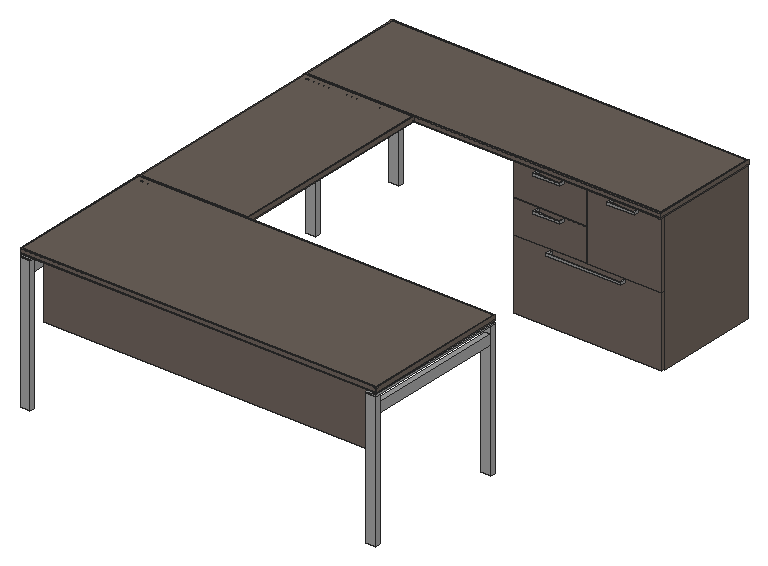
Revit family "T100328", category Furniture, Revit 2015
Parameters (values of type "T100328")
  URL = "https://ofs.com/"
  Manufacturer = "OFS"
  Description = "OFS TYPICAL T100328"
  Copyright © = "©OFS 2021"
  Catalog = "https://ofs.com/2020-experience"
  Authoring Version = "Autodesk Revit Architecture 2015"
  Assembly Code = "E2020400"
Reference planes (in)
  plane 1 "Center Front/Back": y = 0
  plane 2: z = 0
  plane 3 "Center Left/Right": x = 0
Dimensions and locks (in)
  aligned and locked: level to plane 2
Nested families (in)
  nested 1: "OFS ELEMENT OPEN L DESK LEFT AND RIGHT 84in Width 60in Return" at (102, 18.84375, 84), type "ELEMENT OPEN L DESK LEFT RETURN 84in Width 60in Return"
    with Right Desk Ovelay no, Left Desk Overlay no, Desk Overlay Option yes
  nested 2: "STAKS SUPPORT H LEG" at (17.625, -8.37535, 0), type "STAKS SUPPORT H LEG 22"
  nested 3: "STAKS SUPPORT H LEG" at (54.375, -81.62465, 0) x (-1, 0, 0) z (0, 0, 1), type "STAKS SUPPORT H LEG 30"
  nested 4: "STAKS WORKSURFACE HEIGHT MULTI FILE PEDESTAL - NO RISER SUPPORT" at (36.02289, -20.00035, 0), type "STAKS WORKSURFACE HEIGHT MULTI FILE PEDESTAL 30 x 22 Right"
  nested 5: "STAKS BENCHING RECTANGULAR WORKSURFACES" at (-7.55498, -62.16635, 0), type "STAKS BENCHING RECTANGULAR WORKSURFACE 72 X 30"
  nested 6: "STAKS BENCHING RECTANGULAR WORKSURFACES" at (-7.55498, 1.83365, 0), type "STAKS BENCHING RECTANGULAR WORKSURFACE 72 X 22"
  nested 7: "STAKS RECTANGULAR WORKSURFACES Short Grain" at (-1.83365, -71.55498, 0) x (0, 1, 0) z (0, 0, 1), type "STAKS RECTANGULAR WORKSURFACE 22 x 42"
    with Height Above Floor 29"
  nested 8: "STAKS MODESTY PANEL - Veneer & Wood Grain & Frosted" at (33.50442, -90.21547, 0.375) x (-1, 0, 0) z (0, 0, 1), type "STAKS MODESTY PANEL TFL WOOD GRAIN AND TFL SOLID COLORS 84-66"
    with Width 66"
  nested 9: "STAKS SUPPORT H LEG" at (17.5, -76.37535, 0), type "STAKS SUPPORT H LEG 30"
Definition of nested family "STAKS SUPPORT H LEG"
  Parameters (values of type "STAKS SUPPORT H LEG 36")
    URL = "http://www.ofs.com"
    H LEG WIDTH = 36"
    Model = "6-36HBA1"
    Manufacturer = "OFS"
    PANEL INSERT = no
    Description = "OFS STAKS SUPPORT H LEG 36\" Width, Use with 36\"D Worksurface (single base)"
    Copyright © = "©OFS 2018"
    Catalog = "https://ofs.com/products/casegoods/private-office/staks"
    Authoring Version = "Autodesk Revit Architecture 2013"
    Assembly Code = ""
  Types (6): name | H LEG WIDTH | Model | PANEL INSERT | Description
    STAKS SUPPORT H LEG 22 | 22" | "6-22HBA2" | no | "OFS STAKS SUPPORT H LEG 22\" Width, Use with 22\"D Worksurface (set of two)"
    STAKS SUPPORT H LEG 30 | 30" | "6-30HBA2" | no | "OFS STAKS SUPPORT H LEG 30\" Width, Use with 30\"D Worksurface (set of two)"
    STAKS SUPPORT H LEG 36 | 36" | "6-36HBA1" | no | "OFS STAKS SUPPORT H LEG 36\" Width, Use with 36\"D Worksurface (single base)"
    STAKS SUPPORT WITH PANEL INSERT H LEG 22 | 22" | "6-22HBPA2" | yes | "OFS STAKS SUPPORT WITH PANEL INSERT H LEG 22\" Width, Use with 22\"D Worksurface (set of two)"
    STAKS SUPPORT WITH PANEL INSERT H LEG 30 | 30" | "6-30HBPA2" | yes | "OFS STAKS SUPPORT WITH PANEL INSERT H LEG 30\" Width, Use with 30\"D Worksurface (set of two)"
    STAKS SUPPORT WITH PANEL INSERT H LEG 36 | 36" | "6-36HBPA1" | yes | "OFS STAKS SUPPORT WITH PANEL INSERT H LEG 36\" Width, Use with 36\"D Worksurface (single base)"
  Reference planes (in)
    plane 1: z = 0
    plane 2 "Center (Front/Back)": y = -2.62465
    plane 3 "Center (Left/Right)": x = -17.5
    plane 4 "H LEG TOP": z = 27.375
    plane 5: x = -15.5
    plane 6: x = -13.5
    plane 7: y = -20.62465
    plane 8: y = 15.37535
    plane 9: z = 27.181
    plane 10: y = 14.37535
    plane 11: y = -19.62465
    plane 12: z = 25.806
    plane 13: z = 23.806
    plane 14: x = -16.5
    plane 15: x = -15.75
    plane 16: z = 25.056
  Forms (in)
    Extrusion 1, solid
      sketch origin (0, 0, 27.375) x (0, -1, 0) y (1, 0, 0)
        loop
          line (-15.37535, -15.5) -> (-15.37535, -17.5) -> (20.62465, -17.5) -> (20.62465, -15.5) -> (19.62465, -15.5) -> (18.46995, -13.5) -> (-13.22065, -13.5) -> (-14.37535, -15.5) -> (-15.37535, -15.5)
      from -0.194 to 0
    Extrusion 2, solid
      sketch origin (0, 0, 27.375) x (0, -1, 0) y (1, 0, 0)
        loop
          line (-14.37535, -15.5) -> (-15.37535, -15.5) -> (-15.37535, -17.5) -> (-14.37535, -17.5) -> (-14.37535, -15.5)
      from -27.375 to -0.194
    Extrusion 3, solid
      sketch origin (0, 0, 27.375) x (0, -1, 0) y (1, 0, 0)
        loop
          line (19.62465, -17.5) -> (20.62465, -17.5) -> (20.62465, -15.5) -> (19.62465, -15.5) -> (19.62465, -17.5)
      from -27.375 to -0.194
    Extrusion 4, solid
      sketch origin (0, -1.24965, 0) x (1, 0, 0) y (0, 0, 1)
        loop
          line (-16.5, 25.806) -> (-17.5, 25.806) -> (-17.5, 23.806) -> (-16.5, 23.806) -> (-16.5, 25.806)
      from -15.625 to 18.375
    Extrusion 5, solid, visible <- "PANEL INSERT"
      sketch origin (0, -1.24965, 0) x (1, 0, 0) y (0, 0, 1)
        loop
          line (-15.75, 25.056) -> (-16.5, 25.056) -> (-16.5, 0) -> (-15.75, 0) -> (-15.75, 25.056)
      from -15.625 to 18.375
  Lines and regions (in)
    Masking region 1
      outline origin (0, 0, 27.375) x (0, -1, 0) y (1, 0, 0)
        loop
          line (19.62465, -15.5) -> (18.46995, -13.5) -> (-13.22065, -13.5) -> (-14.37535, -15.5) -> (-14.37535, -17.5) -> (19.62465, -17.5) -> (19.62465, -15.5)
    Masking region 2
      outline origin (0, 0, 27.375) x (0, -1, 0) y (1, 0, 0)
        loop
          line (-14.37535, -15.5) -> (-15.37535, -15.5) -> (-15.37535, -17.5) -> (-14.37535, -17.5) -> (-14.37535, -15.5)
    Masking region 3
      outline origin (0, 0, 27.375) x (0, -1, 0) y (1, 0, 0)
        loop
          line (20.62465, -15.5) -> (19.62465, -15.5) -> (19.62465, -17.5) -> (20.62465, -17.5) -> (20.62465, -15.5)
    Masking region 4, visible <- "PANEL INSERT"
      outline origin (0, 0, 27.375) x (0, -1, 0) y (1, 0, 0)
        loop
          line (-14.37535, -15.75) -> (-14.37535, -16.5) -> (19.62465, -16.5) -> (19.62465, -15.75) -> (-14.37535, -15.75)
  Dimensions and locks (in)
    locked: plane 4 "H LEG TOP" to plane 1 at 27.375
    plane 3 "Center (Left/Right)" to plane 5 to plane 6 = 2" locked, 2" locked
    equal spacing: plane 7, plane 2 "Center (Front/Back)", plane 8
    "H LEG WIDTH": plane 7 to plane 8
    locked: plane 4 "H LEG TOP" to plane 9 at 0.194
    locked: plane 10 to plane 8 at 1
    locked: plane 7 to plane 11 at 1
    locked: plane 9 to plane 12 at 1.375
    locked: plane 12 to plane 13 at 2
    locked: plane 14 to plane 3 "Center (Left/Right)" at 1
    locked: plane 9 to plane 16 at 2.125
    locked: plane 15 to plane 3 "Center (Left/Right)" at 1.75
    locked: Extrusion 1 sketch curve to Extrusion 1 sketch curve (angle 120.00°)  (x2)
    aligned and locked: level to plane 1
    aligned and locked: plane 9 to Extrusion 1
    aligned and locked: Extrusion 1 to plane 4 "H LEG TOP"
    aligned and locked: Extrusion 1 to plane 8
    aligned and locked: plane 7 to Extrusion 1
    aligned and locked: Extrusion 1 sketch curve to plane 3 "Center (Left/Right)"
    aligned and locked: Extrusion 1 sketch curve to plane 8
    aligned and locked: Extrusion 1 sketch curve to plane 5
    aligned and locked: Extrusion 1 sketch curve to plane 6
    aligned and locked: plane 5 to Extrusion 1 sketch curve
    aligned and locked: plane 7 to Extrusion 1 sketch curve
    aligned and locked: Extrusion 3 to plane 1
    aligned and locked: Extrusion 3 to plane 9
    aligned and locked: Extrusion 2 to plane 9
    aligned and locked: Extrusion 2 to plane 1
    aligned and locked: Extrusion 2 sketch curve to plane 8
    aligned and locked: plane 5 to Extrusion 2 sketch curve
    aligned and locked: Extrusion 2 sketch curve to plane 3 "Center (Left/Right)"
    aligned and locked: plane 10 to Extrusion 2 sketch curve
    aligned and locked: plane 7 to Extrusion 3 sketch curve
    aligned and locked: plane 5 to Extrusion 3 sketch curve
    aligned and locked: Extrusion 3 sketch curve to plane 11
    aligned and locked: Extrusion 3 sketch curve to plane 3 "Center (Left/Right)"
    aligned and locked: Extrusion 4 sketch curve to plane 12
    aligned and locked: plane 13 to Extrusion 4 sketch curve
    aligned and locked: Extrusion 4 sketch curve to plane 3 "Center (Left/Right)"
    aligned and locked: plane 14 to Extrusion 4 sketch curve
    aligned and locked: Extrusion 4 to plane 10
    aligned and locked: plane 11 to Extrusion 4
    aligned and locked: Extrusion 5 sketch curve to plane 16
    aligned and locked: Extrusion 5 sketch curve to plane 14
    aligned and locked: plane 15 to Extrusion 5 sketch curve
    aligned and locked: Extrusion 5 sketch curve to plane 1
    aligned and locked: Extrusion 5 to plane 16
    aligned and locked: Extrusion 5 to plane 1
    aligned and locked: plane 11 to Extrusion 5
    aligned and locked: Extrusion 5 to plane 10
  Automatic sketch dimensions
    Extrusion 1 sketch curve to Extrusion 1 sketch curve = 1"
    Extrusion 1 sketch curve to plane 7 = 1"
    Masking region 1 sketch curve to plane 5 = 0"  (x2)
    Masking region 1 sketch curve to plane 6 = 0"
    Masking region 1 sketch curve to plane 3 "Center (Left/Right)" = 0"
    plane 8 to Masking region 1 sketch curve = 1"
    plane 8 to Masking region 1 sketch curve = 2.1547"
    Masking region 1 sketch curve to plane 7 = 2.1547"
    Masking region 1 sketch curve to plane 7 = 1"
    plane 8 to Masking region 2 sketch curve = 0"
    Masking region 2 sketch curve to plane 3 "Center (Left/Right)" = 0"
    Masking region 2 sketch curve to plane 5 = 0"
    Masking region 2 sketch curve to Masking region 2 sketch curve = 1"
    Masking region 3 sketch curve to plane 3 "Center (Left/Right)" = 0"
    plane 7 to Masking region 3 sketch curve = 0"
    Masking region 3 sketch curve to plane 5 = 0"
    Masking region 3 sketch curve to plane 7 = 1"
    plane 10 to Masking region 4 sketch curve = 0"
    plane 11 to Masking region 4 sketch curve = 0"
    Masking region 4 sketch curve to plane 14 = 0"
    Masking region 4 sketch curve to plane 15 = 0"
Definition of nested family "STAKS WORKSURFACE HEIGHT MULTI FILE PEDESTAL - NO RISER SUPPORT"
  Parameters (values of type "STAKS WORKSURFACE HEIGHT MULTI FILE PEDESTAL 30 x 22 Right")
    URL = "http://www.ofs.com/"
    Riser Support = 0"
    Model = "6-NW3022MPD12R"
    Manufacturer = "OFS"
    LDR = yes
    LDL = no
    Height = 27 7/8"
    Drawer Material = none
    Drawer Handle Width 2 = 5 1/2"
    Drawer Handle Width = 15 1/8"
    Drawer Handle Material = none
    Description = "OFS STAKS WORKSURFACE HEIGHT MULTI FILE PEDESTAL 30 x 22 Right, One Lateral File Drawer, Use with 22\"D Worksurfaces"
    Width = 30"
    Depth = 21 7/8"
    DH2 = 6 3/4"
    DH1 = 14 3/8"
    Copyright © = "© 2018 OFS"
    Chasis Material = none
    Catalog = "https://ofs.com/products/casegoods/private-office/staks"
    Board Thickness = 3/4"
    Authoring Version = "Autodesk Revit Architecture 2013"
    Assembly Code = "E2020200"
  Types (4): name | Model | LDR | LDL | Description | Depth
    STAKS WORKSURFACE HEIGHT MULTI FILE PEDESTAL 30 x 19 Left | "6-NW3019MPD12L" | no | yes | "OFS STAKS WORKSURFACE HEIGHT MULTI FILE PEDESTAL 30 x 19 Left, One Lateral File Drawer, Use with 22\"D Worksurfaces" | 19 3/8"
    STAKS WORKSURFACE HEIGHT MULTI FILE PEDESTAL 30 x 19 Right | "6-NW3019MPD12R" | yes | no | "OFS STAKS WORKSURFACE HEIGHT MULTI FILE PEDESTAL 30 x 19 Right, One Lateral File Drawer, Use with 22\"D Worksurfaces" | 19 3/8"
    STAKS WORKSURFACE HEIGHT MULTI FILE PEDESTAL 30 x 22 Right | "6-NW3022MPD12R" | yes | no | "OFS STAKS WORKSURFACE HEIGHT MULTI FILE PEDESTAL 30 x 22 Right, One Lateral File Drawer, Use with 22\"D Worksurfaces" | 21 7/8"
    STAKS WORKSURFACE HEIGHT MULTI FILE PEDESTAL 30 x 22 Left | "6-NW3022MPD12L" | no | yes | "OFS STAKS WORKSURFACE HEIGHT MULTI FILE PEDESTAL 30 x 22 Left, One Lateral File Drawer, Use with 22\"D Worksurfaces" | 21 7/8"
  Reference planes (in)
    plane 1: z = 0
    plane 2 "Right": x = 20.97711
    plane 3: z = 27.875
    plane 4: z = 14.375
    plane 5: z = 14.25
    plane 6: z = 0
    plane 7: z = 14
    plane 8: z = 27.625
    plane 9: z = 13.531
    plane 10: z = 27.15625
    plane 11: x = 5.97711
    plane 12: y = -1.12465
    plane 13: y = -1.87465
    plane 14: x = 6.03961
    plane 15: x = 35.91411
    plane 16: x = 6.72711
    plane 17: y = 20.00035
    plane 18: x = 35.97711
    plane 19: x = 35.22711
    plane 20: x = 13.41461
    plane 21: x = 13.78961
    plane 22: x = 28.53961
    plane 23: x = 28.16461
    plane 24: y = -2.68715
    plane 25: y = -2.87465
    plane 26: z = 21.125
    plane 27: z = 21
    plane 28: z = 20.75
    plane 29: z = 20.281
    plane 30: z = 0.25
    plane 31: y = 19.25035
    plane 32: z = 0.75
    plane 33: y = 16.75035
    plane 34: y = 1.87535
    plane 35: y = 5.87535
    plane 36: y = 12.75035
    plane 37: y = 2.50035
    plane 38: y = 13.37535
    plane 39: z = 28
    plane 40: x = 20.91461
    plane 41: x = 21.03961
    plane 42: x = 13.50836
    plane 43: x = 16.25836
    plane 44: x = 10.75836
    plane 45: x = 11.13336
    plane 46: x = 15.88336
    plane 47: x = 28.47711
    plane 48: x = 25.72711
    plane 49: x = 31.22711
    plane 50: x = 30.85211
    plane 51: x = 26.10211
  Forms (in)
    Extrusion 1, solid, material <- "Drawer Material"
      sketch origin (20.35211, 5, -13.1802) x (0, 1, 0) y (0, 0, 1)
        loop
          line (-6.87465, 27.4302) -> (-6.87465, 13.4302) -> (-6.12465, 13.4302) -> (-6.12465, 27.4302) -> (-6.87465, 27.4302)
      from -14.3125 to 15.562
    Extrusion 2, solid, material <- "Drawer Material", visible <- "LDR"
      sketch origin (20.35211, 2.25, -7.68015) x (0, 1, 0) y (0, 0, 1)
        loop
          line (-4.12465, 28.68015) -> (-4.12465, 22.05515) -> (-3.37465, 22.05515) -> (-3.37465, 28.68015) -> (-4.12465, 28.68015)
      from -14.3125 to 0.5625
    Extrusion 3, solid, material <- "Chasis Material"
      sketch origin (-3, -1.24965, 0) x (1, 0, 0) y (0, 0, 1)
        loop
          line (8.97711, 0) -> (9.72711, 0) -> (9.72711, 27.875) -> (8.97711, 27.875) -> (8.97711, 0)
      from -21.25 to -0.125
    Extrusion 4, solid, material <- "Chasis Material"
      sketch origin (19.35211, 31.02324, 0) x (0, 1, 0) y (0, 0, 1)
        loop
          line (-11.77289, 0) -> (-11.02289, 0) -> (-11.02289, 27.875) -> (-11.77289, 27.875) -> (-11.77289, 0)
      from -12.625 to 15.875
    Extrusion 5, solid, material <- "Drawer Handle Material"
      sketch origin (9, 0, 9.60933) x (1, 0, 0) y (0, 1, 0)
        loop
          line (4.41461, -1.87465) -> (4.41461, -2.87465) -> (19.53961, -2.87465) -> (19.53961, -1.87465) -> (19.16461, -1.87465) -> (19.16461, -2.68715) -> (4.78961, -2.68715) -> (4.78961, -1.87465) -> (4.41461, -1.87465)
      from 3.92167 to 4.39067
    Extrusion 6, solid, material <- "Chasis Material"
      sketch origin (0, 0, 0) x (1, 0, 0) y (0, 1, 0)
        loop
          line (35.97711, 20.00035) -> (35.22711, 20.00035) -> (35.22711, -1.12465) -> (35.97711, -1.12465) -> (35.97711, 20.00035)
      from 0 to 27.875
    Extrusion 7, solid, material <- "Drawer Material", visible <- "LDR"
      sketch origin (20.35211, 2.25, 0.06985) x (0, 1, 0) y (0, 0, 1)
        loop
          line (-4.12465, 27.80515) -> (-4.12465, 21.05515) -> (-3.37465, 21.05515) -> (-3.37465, 27.80515) -> (-4.12465, 27.80515)
      from -14.3125 to 0.5625
    Extrusion 8, solid, material <- "Chasis Material"
      sketch origin (-29.79592, -1.62465, 7.24693) x (1, 0, 0) y (0, 0, 1)
        loop
          line (36.52304, 19.90932) -> (65.02304, 19.90932) -> (65.02304, 20.62807) -> (36.52304, 20.62807) -> (36.52304, 19.90932)
      from -18.375 to -14.375
    Extrusion 9, solid, material <- "Chasis Material"
      sketch origin (-29.79592, -7.12465, 7.24693) x (1, 0, 0) y (0, 0, 1)
        loop
          line (36.52304, 19.90932) -> (65.02304, 19.90932) -> (65.02304, 20.62807) -> (36.52304, 20.62807) -> (36.52304, 19.90932)
      from -13 to -9
    Extrusion 10, solid, material <- "Chasis Material"
      sketch origin (-31.5409, -1.62465, -42.72261) x (1, 0, 0) y (0, 0, 1)
        loop
          line (38.26801, 42.72261) -> (66.76801, 42.72261) -> (66.76801, 43.47261) -> (38.26801, 43.47261) -> (38.26801, 42.72261)
      from -20.875 to -0.5
    Extrusion 11, solid
      sketch origin (0, 0, 0) x (1, 0, 0) y (0, 1, 0)
        loop
          line (35.91411, 20.00035) -> (35.22711, 20.00035) -> (35.22711, 13.37535) -> (6.72711, 13.37535) -> (6.72711, 20.00035) -> (6.03961, 20.00035) -> (6.03961, -1.12465) -> (6.72711, -1.12465) -> (6.72711, 1.87535) -> (35.22711, 1.87535) -> (35.22711, -1.12465) -> (35.91411, -1.12465) -> (35.91411, 20.00035)
        loop
          line (35.22711, 2.50035) -> (35.22711, 12.75035) -> (6.72711, 12.75035) -> (6.72711, 2.50035) -> (35.22711, 2.50035)
      from 27.875 to 28
    Extrusion 12, solid, material <- "Drawer Material", visible <- "LDL"
      sketch origin (21.60211, 2.25, -7.68015) x (0, 1, 0) y (0, 0, -1)
        loop
          line (-4.12465, -28.68015) -> (-3.37465, -28.68015) -> (-3.37465, -22.05515) -> (-4.12465, -22.05515) -> (-4.12465, -28.68015)
      from -14.312 to 0.5625
    Extrusion 13, solid, material <- "Drawer Material", visible <- "LDL"
      sketch origin (21.60211, 2.25, 0.06985) x (0, 1, 0) y (0, 0, -1)
        loop
          line (-4.12465, -27.80515) -> (-3.37465, -27.80515) -> (-3.37465, -21.05515) -> (-4.12465, -21.05515) -> (-4.12465, -27.80515)
      from -14.312 to 0.5625
    Extrusion 14, solid, material <- "Drawer Handle Material"
      sketch origin (6, 0, 28.42137) x (1, 0, 0) y (0, 1, 0)
        loop
          line (4.75836, -1.87465) -> (4.75836, -2.87465) -> (10.25836, -2.87465) -> (10.25836, -1.87465) -> (9.88336, -1.87465) -> (9.88336, -2.68715) -> (5.13336, -2.68715) -> (5.13336, -1.87465) -> (4.75836, -1.87465)
      from -1.26512 to -0.79637
    Extrusion 15, solid, material <- "Drawer Handle Material"
      sketch origin (20.66456, -2.06097, 28.42137) x (1, 0, 0) y (0, 1, 0)
        loop
          line (5.06255, 0.18632) -> (5.06255, -0.81368) -> (10.56255, -0.81368) -> (10.56255, 0.18632) -> (10.18755, 0.18632) -> (10.18755, -0.62618) -> (5.43755, -0.62618) -> (5.43755, 0.18632) -> (5.06255, 0.18632)
      from -1.26512 to -0.79637
    Extrusion 16, solid, material <- "Drawer Handle Material", visible <- "LDR"
      sketch origin (7.00542, -0.5, 20.23287) x (1, 0, 0) y (0, 1, 0)
        loop
          line (3.75294, -1.37465) -> (3.75294, -2.37465) -> (9.25294, -2.37465) -> (9.25294, -1.37465) -> (8.87794, -1.37465) -> (8.87794, -2.18715) -> (4.12794, -2.18715) -> (4.12794, -1.37465) -> (3.75294, -1.37465)
      from 0.04813 to 0.51713
    Extrusion 17, solid, material <- "Drawer Handle Material", visible <- "LDL"
      sketch origin (21.66998, -2.56097, 20.23287) x (1, 0, 0) y (0, 1, 0)
        loop
          line (4.05713, 0.68632) -> (4.05713, -0.31368) -> (9.55713, -0.31368) -> (9.55713, 0.68632) -> (9.18213, 0.68632) -> (9.18213, -0.12618) -> (4.43213, -0.12618) -> (4.43213, 0.68632) -> (4.05713, 0.68632)
      from 0.04813 to 0.51713
    Extrusion 18, solid, material <- "Drawer Material", visible <- "LDL"
      sketch origin (24.41461, 28.53949, -8.13862) x (0, 1, 0) y (0, 0, 1)
        loop
          line (-30.41414, 36.01362) -> (-30.41414, 22.51362) -> (-29.66414, 22.51362) -> (-29.66414, 36.01362) -> (-30.41414, 36.01362)
      from -18.375 to -3.5
    Extrusion 19, solid, material <- "Drawer Material", visible <- "LDR"
      sketch origin (46.20051, 28.53949, -5.07681) x (0, 1, 0) y (0, 0, 1)
        loop
          line (-30.41414, 32.95181) -> (-30.41414, 19.45181) -> (-29.66414, 19.45181) -> (-29.66414, 32.95181) -> (-30.41414, 32.95181)
      from -25.1609 to -10.2864
  Dimensions and locks (in)
    "Board Thickness": plane 13 to plane 12
    locked: plane 11 to plane 14 at 0.0625
    "Board Thickness": plane 11 to plane 16
    locked: plane 15 to plane 18 at 0.063
    "Width": plane 11 to plane 18
    Extrusion 6 sketch curve to plane 18 = 3/4"
    "Board Thickness": plane 19 to plane 18
    equal spacing: plane 11, plane 2 "Right", plane 18
    locked: plane 20 to plane 21 at 0.375
    locked: plane 23 to plane 22 at 0.375
    equal spacing: plane 20, plane 2 "Right", plane 22
    "Drawer Handle Width": plane 20 to plane 22
    plane 25 to plane 24 to plane 13 = 3/16" locked, 13/16" locked
    "Riser Support": plane 6 to level
    "Height": plane 3 to plane 6
    "DH1": plane 4 to plane 6
    "DH2": plane 26 to plane 4
    locked: plane 30 to plane 6 at 0.25
    "Board Thickness": plane 31 to plane 17
    "Depth": plane 13 to plane 17
    plane 4 to plane 5 to plane 7 to plane 9 = 1/8" locked, 1/4" locked, 0.469" locked
    plane 26 to plane 27 to plane 28 to plane 29 = 1/8" locked, 1/4" locked, 0.469" locked
    plane 3 to plane 8 to plane 10 = 1/4" locked, 15/32" locked
    "Board Thickness": plane 32 to plane 6
    plane 12 to plane 34 to plane 35 = 3" locked, 4" locked
    plane 36 to plane 33 to plane 31 = 4" locked, 2 1/2" locked
    locked: plane 34 to plane 37 at 0.625
    locked: plane 36 to plane 38 at 0.625
    locked: plane 39 to plane 3 at 0.125
    plane 40 to plane 2 "Right" to plane 41 = 1/16" locked, 1/16" locked
    locked: plane 46 to plane 43 at 0.375
    locked: plane 44 to plane 45 at 0.375
    "Drawer Handle Width 2": plane 44 to plane 43
    locked: plane 51 to plane 48 at 0.375
    locked: plane 49 to plane 50 at 0.375
    "Drawer Handle Width 2": plane 49 to plane 48
    equal spacing: plane 44, plane 42, plane 43
    equal spacing: plane 48, plane 47, plane 49
    equal spacing: plane 14, plane 42, plane 2 "Right"
    equal spacing: plane 2 "Right", plane 47, plane 18
    aligned and locked: level to plane 1
    aligned and locked: Extrusion 1 to plane 14
    aligned and locked: plane 15 to Extrusion 1
    aligned and locked: Extrusion 2 to plane 12
    aligned and locked: plane 13 to Extrusion 2
    aligned and locked: Extrusion 2 to plane 14
    aligned and locked: plane 12 to Extrusion 3
    aligned and locked: Extrusion 3 to plane 17
    aligned and locked: Extrusion 4 to plane 16
    aligned and locked: plane 16 to Extrusion 3
    aligned and locked: Extrusion 3 to plane 11
    aligned and locked: Extrusion 4 to plane 17
    aligned and locked: Extrusion 1 sketch curve to plane 12
    aligned and locked: plane 13 to Extrusion 1 sketch curve
    aligned and locked: plane 19 to Extrusion 4
    aligned and locked: plane 3 to Extrusion 3
    aligned and locked: Extrusion 5 to plane 22
    aligned and locked: plane 23 to Extrusion 5
    aligned and locked: plane 21 to Extrusion 5
    aligned and locked: Extrusion 5 to plane 20
    aligned and locked: plane 7 to Extrusion 5
    aligned and locked: Extrusion 5 to plane 9
    aligned and locked: plane 3 to Extrusion 4
    aligned and locked: plane 27 to Extrusion 2
    aligned and locked: Extrusion 1 to plane 30
    aligned and locked: Extrusion 7 to plane 26
    aligned and locked: plane 3 to Extrusion 7
    aligned and locked: Extrusion 6 to plane 19
    aligned and locked: Extrusion 7 to plane 14
    aligned and locked: plane 3 to Extrusion 6
    aligned and locked: Extrusion 6 to plane 6
    aligned and locked: plane 3 to Extrusion 8
    aligned and locked: Extrusion 8 to plane 10
    aligned and locked: plane 19 to Extrusion 8
    aligned and locked: Extrusion 8 to plane 16
    aligned and locked: Extrusion 8 to plane 33
    aligned and locked: plane 36 to Extrusion 8
    aligned and locked: plane 34 to Extrusion 9
    aligned and locked: Extrusion 9 to plane 35
    aligned and locked: plane 3 to Extrusion 9
    aligned and locked: Extrusion 9 to plane 10
    aligned and locked: plane 32 to Extrusion 10
    aligned and locked: Extrusion 10 to plane 6
    aligned and locked: Extrusion 10 to plane 31
    aligned and locked: plane 12 to Extrusion 10
    aligned and locked: plane 19 to Extrusion 10
    aligned and locked: Extrusion 10 to plane 16
    aligned and locked: Extrusion 11 to plane 3
    aligned and locked: plane 39 to Extrusion 11
    aligned and locked: plane 40 to Extrusion 7
    aligned and locked: plane 40 to Extrusion 2
    aligned and locked: plane 41 to Extrusion 13
    aligned and locked: plane 41 to Extrusion 12
    aligned and locked: Extrusion 13 to plane 26
    aligned and locked: plane 27 to Extrusion 12
    aligned and locked: plane 3 to Extrusion 13
    aligned and locked: Extrusion 12 to plane 4
    aligned and locked: plane 15 to Extrusion 12
    aligned and locked: plane 15 to Extrusion 13
    aligned and locked: Extrusion 14 to plane 45  (x2)
    aligned and locked: plane 44 to Extrusion 14
    aligned and locked: plane 46 to Extrusion 14
    aligned and locked: Extrusion 14 to plane 43
    aligned and locked: Extrusion 14 to plane 24
    aligned and locked: plane 25 to Extrusion 14
    aligned and locked: Extrusion 14 to plane 13  (x2)
    aligned and locked: Extrusion 15 to plane 13  (x2)
    aligned and locked: Extrusion 15 to plane 24
    aligned and locked: plane 25 to Extrusion 15
    aligned and locked: plane 48 to Extrusion 15
    aligned and locked: Extrusion 15 to plane 51
    aligned and locked: Extrusion 15 to plane 49
    aligned and locked: plane 50 to Extrusion 15
    aligned and locked: plane 8 to Extrusion 14
    aligned and locked: plane 8 to Extrusion 15
    aligned and locked: Extrusion 14 to plane 10
    aligned and locked: Extrusion 15 to plane 10
    aligned and locked: Extrusion 16 to plane 13  (x2)
    aligned and locked: Extrusion 17 to plane 13  (x2)
    aligned and locked: Extrusion 17 to plane 24
    aligned and locked: plane 25 to Extrusion 17
    aligned and locked: Extrusion 16 to plane 24
    aligned and locked: plane 25 to Extrusion 16
    aligned and locked: plane 44 to Extrusion 16
    aligned and locked: Extrusion 16 to plane 45
    aligned and locked: plane 46 to Extrusion 16
    aligned and locked: Extrusion 16 to plane 43
    aligned and locked: plane 48 to Extrusion 17
    aligned and locked: Extrusion 17 to plane 51
    aligned and locked: plane 50 to Extrusion 17
    aligned and locked: Extrusion 17 to plane 49
    aligned and locked: plane 28 to Extrusion 16
    aligned and locked: Extrusion 16 to plane 29
    aligned and locked: plane 28 to Extrusion 17
    aligned and locked: Extrusion 17 to plane 29
    aligned and locked: Extrusion 4 to plane 6
    aligned and locked: Extrusion 3 to plane 6
    aligned and locked: Extrusion 18 to plane 14
    aligned and locked: plane 40 to Extrusion 18
    aligned and locked: Extrusion 18 to plane 4
    aligned and locked: plane 41 to Extrusion 19
    aligned and locked: Extrusion 19 to plane 4
    aligned and locked: plane 15 to Extrusion 19
    aligned and locked: plane 3 to Extrusion 19
    aligned and locked: plane 3 to Extrusion 18
    aligned and locked: plane 13 to Extrusion 18
    aligned and locked: plane 13 to Extrusion 19
    aligned and locked: Extrusion 18 to plane 12
    aligned and locked: Extrusion 19 to plane 12
    aligned and locked: plane 12 to Extrusion 11  (x2)
  Automatic sketch dimensions
    Extrusion 1 sketch curve to plane 30 = 0"
    Extrusion 1 sketch curve to plane 5 = 0"
    Extrusion 2 sketch curve to plane 13 = 0"
    Extrusion 2 sketch curve to plane 4 = 0"
    Extrusion 2 sketch curve to plane 12 = 0"
    Extrusion 2 sketch curve to plane 27 = 0"
    Extrusion 3 sketch curve to plane 6 = 0"
    Extrusion 3 sketch curve to plane 11 = 0"
    Extrusion 3 sketch curve to plane 3 = 0"
    Extrusion 3 sketch curve to plane 16 = 0"
    Extrusion 4 sketch curve to plane 6 = 0"
    Extrusion 4 sketch curve to plane 3 = 0"
    Extrusion 4 sketch curve to plane 17 = 0"
    plane 31 to Extrusion 4 sketch curve = 0"
    plane 13 to Extrusion 5 sketch curve = 0"  (x2)
    Extrusion 5 sketch curve to plane 20 = 0"
    Extrusion 5 sketch curve to plane 21 = 0"
    Extrusion 5 sketch curve to plane 23 = 0"
    Extrusion 5 sketch curve to plane 22 = 0"
    plane 25 to Extrusion 5 sketch curve = 0"
    plane 24 to Extrusion 5 sketch curve = 0"
    plane 12 to Extrusion 6 sketch curve = 0"
    Extrusion 6 sketch curve to plane 18 = 0"
    plane 17 to Extrusion 6 sketch curve = 0"
    Extrusion 7 sketch curve to plane 3 = 0"
    Extrusion 7 sketch curve to plane 13 = 0"
    Extrusion 7 sketch curve to plane 12 = 0"
    Extrusion 7 sketch curve to plane 26 = 0"
    Extrusion 8 sketch curve to plane 10 = 0"
    Extrusion 8 sketch curve to plane 16 = 0"
    Extrusion 8 sketch curve to plane 3 = 0"
    Extrusion 8 sketch curve to plane 19 = 0"
    Extrusion 9 sketch curve to plane 10 = 0"
    Extrusion 9 sketch curve to plane 16 = 0"
    Extrusion 9 sketch curve to plane 3 = 0"
    Extrusion 9 sketch curve to plane 19 = 0"
    Extrusion 10 sketch curve to plane 6 = 0"
    Extrusion 10 sketch curve to plane 16 = 0"
    Extrusion 10 sketch curve to plane 19 = 0"
    Extrusion 10 sketch curve to plane 32 = 0"
    Extrusion 11 sketch curve to plane 14 = 0"
    Extrusion 11 sketch curve to plane 16 = 0"  (x3)
    Extrusion 11 sketch curve to plane 19 = 0"  (x3)
    plane 17 to Extrusion 11 sketch curve = 0"  (x2)
    Extrusion 11 sketch curve to plane 13 = 3/4"  (x2)
    Extrusion 11 sketch curve to plane 15 = 0"
    plane 34 to Extrusion 11 sketch curve = 0"
    plane 37 to Extrusion 11 sketch curve = 0"
    plane 36 to Extrusion 11 sketch curve = 0"
    plane 38 to Extrusion 11 sketch curve = 0"
    Extrusion 12 sketch curve to plane 13 = 0"
    plane 4 to Extrusion 12 sketch curve = 0"
    Extrusion 12 sketch curve to plane 12 = 0"
    plane 27 to Extrusion 12 sketch curve = 0"
    plane 3 to Extrusion 13 sketch curve = 0"
    Extrusion 13 sketch curve to plane 13 = 0"
    Extrusion 13 sketch curve to plane 12 = 0"
    plane 26 to Extrusion 13 sketch curve = 0"
    plane 13 to Extrusion 14 sketch curve = 0"  (x2)
    Extrusion 14 sketch curve to plane 44 = 0"
    Extrusion 14 sketch curve to plane 45 = 0"
    plane 24 to Extrusion 14 sketch curve = 0"
    Extrusion 14 sketch curve to plane 46 = 0"
    Extrusion 14 sketch curve to plane 43 = 0"
    plane 25 to Extrusion 14 sketch curve = 0"
    plane 13 to Extrusion 15 sketch curve = 0"  (x2)
    Extrusion 15 sketch curve to plane 48 = 0"
    Extrusion 15 sketch curve to plane 51 = 0"
    plane 24 to Extrusion 15 sketch curve = 0"
    Extrusion 15 sketch curve to plane 50 = 0"
    Extrusion 15 sketch curve to plane 49 = 0"
    plane 25 to Extrusion 15 sketch curve = 0"
    plane 13 to Extrusion 16 sketch curve = 0"  (x2)
    Extrusion 16 sketch curve to plane 44 = 0"
    Extrusion 16 sketch curve to plane 45 = 0"
    plane 24 to Extrusion 16 sketch curve = 0"
    Extrusion 16 sketch curve to plane 46 = 0"
    Extrusion 16 sketch curve to plane 43 = 0"
    plane 25 to Extrusion 16 sketch curve = 0"
    plane 13 to Extrusion 17 sketch curve = 0"  (x2)
    Extrusion 17 sketch curve to plane 48 = 0"
    Extrusion 17 sketch curve to plane 51 = 0"
    plane 24 to Extrusion 17 sketch curve = 0"
    Extrusion 17 sketch curve to plane 50 = 0"
    Extrusion 17 sketch curve to plane 49 = 0"
    plane 25 to Extrusion 17 sketch curve = 0"
    plane 36 to Extrusion 18 sketch curve = 14 5/8"
    plane 4 to Extrusion 18 sketch curve = 0"
    Extrusion 18 sketch curve to Extrusion 18 sketch curve = 3/4"
    plane 26 to Extrusion 18 sketch curve = 6 3/4"
    plane 36 to Extrusion 19 sketch curve = 14 5/8"
    Extrusion 19 sketch curve to plane 29 = 5.906"
    Extrusion 19 sketch curve to Extrusion 19 sketch curve = 3/4"
    plane 10 to Extrusion 19 sketch curve = 23/32"
Definition of nested family "STAKS BENCHING RECTANGULAR WORKSURFACES"
  Parameters (values of type "STAKS BENCHING RECTANGULAR WORKSURFACE 48 X 22")
    URL = "https://www.ofs.com/"
    SURFACE DEPTH = 22"
    Model = "6-MCT-48/22"
    Manufacturer = "OFS"
    Description = "OFS STAKS BENCHING 48 X 22 RECTANGULAR WORKSURFACE"
    SURFACE WIDTH = 48"
    Copyright © = "© 2018 OFS"
    Catalog = "https://ofs.com/products/open-plan/benching/staks"
    Authoring Version = "Autodesk Revit Architecture 2013"
    Assembly Code = "E2020200"
  Types (21): name | SURFACE DEPTH | Model | Description | SURFACE WIDTH
    STAKS BENCHING RECTANGULAR WORKSURFACE 48 X 22 | 22" | "6-MCT-48/22" | "OFS STAKS BENCHING 48 X 22 RECTANGULAR WORKSURFACE" | 48"
    STAKS BENCHING RECTANGULAR WORKSURFACE 60 X 22 | 22" | "6-MCT-60/22" | "OFS STAKS BENCHING 60 X 22 RECTANGULAR WORKSURFACE" | 60"
    STAKS BENCHING RECTANGULAR WORKSURFACE 72 X 22 | 22" | "6-MCT-72/22" | "OFS STAKS BENCHING 72 X 22 RECTANGULAR WORKSURFACE" | 72"
    STAKS BENCHING RECTANGULAR WORKSURFACE 60 X 36 | 36" | "6-MCT-60/36" | "OFS STAKS BENCHING 60 X 36 RECTANGULAR WORKSURFACE" | 60"
    STAKS BENCHING RECTANGULAR WORKSURFACE 72 X 36 | 36" | "6-MCT-72/36" | "OFS STAKS BENCHING 72 X 36 RECTANGULAR WORKSURFACE" | 72"
    STAKS BENCHING RECTANGULAR WORKSURFACE 60 X 30 | 30" | "6-MCT-60/30" | "OFS STAKS BENCHING 60 X 30 RECTANGULAR WORKSURFACE" | 60"
    STAKS BENCHING RECTANGULAR WORKSURFACE 72 X 30 | 30" | "6-MCT-72/30" | "OFS STAKS BENCHING 72 X 30 RECTANGULAR WORKSURFACE" | 72"
    STAKS BENCHING RECTANGULAR WORKSURFACE 48 X 30 | 30" | "6-MCT-48/30" | "OFS STAKS BENCHING 48 X 30 RECTANGULAR WORKSURFACE" | 48"
    STAKS BENCHING RECTANGULAR WORKSURFACE 48 X 36 | 36" | "6-MCT-48/36" | "OFS STAKS BENCHING 48 X 36 RECTANGULAR WORKSURFACE" | 48"
    STAKS BENCHING RECTANGULAR WORKSURFACE 54 X 22 | 22" | "6-MCT-54/22" | "OFS STAKS BENCHING 54 X 22 RECTANGULAR WORKSURFACE" | 54"
    STAKS BENCHING RECTANGULAR WORKSURFACE 66 X 22 | 22" | "6-MCT-66/22" | "OFS STAKS BENCHING 66 X 22 RECTANGULAR WORKSURFACE" | 66"
    STAKS BENCHING RECTANGULAR WORKSURFACE 78 X 22 | 22" | "6-MCT-78/22" | "OFS STAKS BENCHING 78 X 22 RECTANGULAR WORKSURFACE" | 78"
    STAKS BENCHING RECTANGULAR WORKSURFACE 84 X 22 | 22" | "6-MCT-84/22" | "OFS STAKS BENCHING 84 X 22 RECTANGULAR WORKSURFACE" | 84"
    STAKS BENCHING RECTANGULAR WORKSURFACE 54 X 30 | 30" | "6-MCT-54/30" | "OFS STAKS BENCHING 54 X 30 RECTANGULAR WORKSURFACE" | 54"
    STAKS BENCHING RECTANGULAR WORKSURFACE 66 X 30 | 30" | "6-MCT-66/30" | "OFS STAKS BENCHING 66 X 30 RECTANGULAR WORKSURFACE" | 66"
    STAKS BENCHING RECTANGULAR WORKSURFACE 78 X 30 | 30" | "6-MCT-78/30" | "OFS STAKS BENCHING 78 X 30 RECTANGULAR WORKSURFACE" | 78"
    STAKS BENCHING RECTANGULAR WORKSURFACE 84 X 30 | 30" | "6-MCT-84/30" | "OFS STAKS BENCHING 84 X 30 RECTANGULAR WORKSURFACE" | 84"
    STAKS BENCHING RECTANGULAR WORKSURFACE 54 X 36 | 36" | "6-MCT-54/36" | "OFS STAKS BENCHING 54 X 36 RECTANGULAR WORKSURFACE" | 54"
    STAKS BENCHING RECTANGULAR WORKSURFACE 66 X 36 | 36" | "6-MCT-66/36" | "OFS STAKS BENCHING 66 X 36 RECTANGULAR WORKSURFACE" | 66"
    STAKS BENCHING RECTANGULAR WORKSURFACE 78 X 36 | 36" | "6-MCT-78/36" | "OFS STAKS BENCHING 78 X 36 RECTANGULAR WORKSURFACE" | 78"
    STAKS BENCHING RECTANGULAR WORKSURFACE 84 X 36 | 36" | "6-MCT-84/36" | "OFS STAKS BENCHING 84 X 36 RECTANGULAR WORKSURFACE" | 78"
  Reference planes (in)
    plane 1: z = -0.125
    plane 2 "LEFT": x = 7.55498
    plane 3 "RIGHT": x = 55.55498
    plane 4 "BACK": y = -1.83365
    plane 5 "FRONT": y = -23.83365
    plane 6: x = 7.67998
    plane 7: x = 55.42998
    plane 8: y = -1.95865
    plane 9: y = -23.70865
    plane 10: z = 27.75
    plane 11 "SURFACE TOP": z = 28.875
  Forms (in)
    Extrusion 1, solid
      sketch origin (0, 0, 17.125) x (-1, 0, 0) y (0, -1, 0)
        loop
          line (-7.67998, 1.95865) -> (-7.67998, 23.70865) -> (-55.42998, 23.70865) -> (-55.42998, 1.95865) -> (-7.67998, 1.95865)
      from 11.75 to 10.625
    Sweep 2, solid
      path origin (0, 0, 28.875) x (0, 1, 0) y (-1, 0, 0)
        loop
          line (-23.83365, -7.55498) -> (-23.83365, -55.55498) -> (-1.83365, -55.55498) -> (-1.83365, -7.55498) -> (-23.83365, -7.55498)
      profile origin (31.55498, -23.83365, 28.875) x (0, 1, 0) y (0, 0, 1)
        loop
          arc (0.125, 0) -> (0.03661, -0.03661) -> (0, -0.125) r 0.125
          line (0, -0.125) -> (0, -1)
          arc (0, -1) -> (0.03661, -1.08839) -> (0.125, -1.125) r 0.125
          line (0.125, -1.125) -> (0.125, 0)
  Lines and regions (in)
    Masking region 1
      outline origin (0, 0, 16.625) x (-1, 0, 0) y (0, -1, 0)
        loop
          line (-7.67998, 1.95865) -> (-7.55498, 1.83365) -> (-7.55498, 23.83365) -> (-7.67998, 23.70865) -> (-7.67998, 1.95865)
    Masking region 2
      outline origin (0, 0, 16.625) x (-1, 0, 0) y (0, -1, 0)
        loop
          line (-7.55498, 1.83365) -> (-7.67998, 1.95865) -> (-55.42998, 1.95865) -> (-55.55498, 1.83365) -> (-7.55498, 1.83365)
    Masking region 3
      outline origin (0, 0, 16.625) x (-1, 0, 0) y (0, -1, 0)
        loop
          line (-55.55498, 1.83365) -> (-55.42998, 1.95865) -> (-55.42998, 23.70865) -> (-55.55498, 23.83365) -> (-55.55498, 1.83365)
    Masking region 4
      outline origin (0, 0, 16.625) x (-1, 0, 0) y (0, -1, 0)
        loop
          line (-55.55498, 23.83365) -> (-55.42998, 23.70865) -> (-7.67998, 23.70865) -> (-7.55498, 23.83365) -> (-55.55498, 23.83365)
    Masking region 5
      outline origin (0, 0, 16.625) x (-1, 0, 0) y (0, -1, 0)
        loop
          line (-55.42998, 23.70865) -> (-55.42998, 1.95865) -> (-7.67998, 1.95865) -> (-7.67998, 23.70865) -> (-55.42998, 23.70865)
  Dimensions and locks (in)
    "SURFACE DEPTH": plane 4 "BACK" to plane 5 "FRONT"
    "SURFACE WIDTH": plane 2 "LEFT" to plane 3 "RIGHT"
    locked: plane 11 "SURFACE TOP" to plane 10 at 1.125
    locked: plane 4 "BACK" to plane 8 at 0.125
    locked: plane 2 "LEFT" to plane 6 at 0.125
    locked: plane 7 to plane 3 "RIGHT" at 0.125
    locked: plane 9 to plane 5 "FRONT" at 0.125
    aligned: level to plane 1
    aligned and locked: plane 8 to Extrusion 1 sketch curve
    aligned and locked: Extrusion 1 sketch curve to plane 6
    aligned and locked: Extrusion 1 sketch curve to plane 9
    aligned and locked: plane 7 to Extrusion 1 sketch curve
    aligned and locked: plane 11 "SURFACE TOP" to Extrusion 1
    aligned and locked: Extrusion 1 to plane 10
    aligned and locked: Sweep 2 sketch curve to plane 5 "FRONT"
    aligned and locked: Sweep 2 sketch curve to plane 2 "LEFT"
    aligned and locked: plane 4 "BACK" to Sweep 2 sketch curve
    aligned and locked: plane 3 "RIGHT" to Sweep 2 sketch curve
  Automatic sketch dimensions
    Masking region 1 sketch curve to plane 6 = 0"
    Masking region 1 sketch curve to plane 2 "LEFT" = 0"
    Masking region 1 sketch curve to plane 4 "BACK" = 0"
    Masking region 1 sketch curve to plane 8 = 0"
    Masking region 1 sketch curve to plane 9 = 0"
    Masking region 1 sketch curve to plane 5 "FRONT" = 0"
    Masking region 2 sketch curve to plane 3 "RIGHT" = 0"
    Masking region 2 sketch curve to plane 7 = 0"
    Masking region 2 sketch curve to plane 6 = 0"
    Masking region 2 sketch curve to plane 2 "LEFT" = 0"
    Masking region 2 sketch curve to plane 4 "BACK" = 0"
    Masking region 2 sketch curve to plane 8 = 0"
    Masking region 3 sketch curve to plane 3 "RIGHT" = 0"
    Masking region 3 sketch curve to plane 7 = 0"
    Masking region 3 sketch curve to plane 4 "BACK" = 0"
    Masking region 3 sketch curve to plane 8 = 0"
    Masking region 3 sketch curve to plane 9 = 0"
    Masking region 3 sketch curve to plane 5 "FRONT" = 0"
    Masking region 4 sketch curve to plane 3 "RIGHT" = 0"
    Masking region 4 sketch curve to plane 7 = 0"
    Masking region 4 sketch curve to plane 6 = 0"
    Masking region 4 sketch curve to plane 2 "LEFT" = 0"
    Masking region 4 sketch curve to plane 9 = 0"
    Masking region 4 sketch curve to plane 5 "FRONT" = 0"
    Masking region 5 sketch curve to plane 7 = 0"
    Masking region 5 sketch curve to plane 6 = 0"
    Masking region 5 sketch curve to plane 8 = 0"
    Masking region 5 sketch curve to plane 9 = 0"
    Sweep 2 sketch curve to profile plane = 0"
    Sweep 2 sketch curve to plane 11 "SURFACE TOP" = 0"
    Sweep 2 sketch curve to profile plane = 1/8"
    Sweep 2 sketch curve to Sweep 2 sketch curve = 7/8"
Definition of nested family "STAKS RECTANGULAR WORKSURFACES Short Grain"
  Parameters (values of type "STAKS RECTANGULAR WORKSURFACE 22 x 15.625")
    URL = "http://www.ofs.com/"
    Height Above Floor [instance] = 29"
    Height = 1 1/8"
    Depth = 22"
    Model = "6-MCT-22/15.625"
    Manufacturer = "OFS"  # constant formula
    Description = "OFS STAKS 22 X 15.625 RECTANGULAR WORKSURFACE For Worksurface or Low Height Applications, Short Grain"
    Width = 15 5/8"
    Copyright © = "© 2018 OFS"  # constant formula
    Catalog = "https://ofs.com/products/casegoods/private-office/staks"  # constant formula
    Authoring Version = "Autodesk Revit Architecture 2013"
    Assembly Code = "E2020200"
  Types (24): name | Model | Description | Width
    STAKS RECTANGULAR WORKSURFACE 22 x 15.625 | "6-MCT-22/15.625" | "OFS STAKS 22 X 15.625 RECTANGULAR WORKSURFACE For Worksurface or Low Height Applications, Short Grain" | 15 5/8"
    STAKS RECTANGULAR WORKSURFACE 22 x 34 | "6-MCT-22/34" | "OFS STAKS 22 X 34 RECTANGULAR WORKSURFACE For Worksurface or Low Height Applications, Short Grain" | 34"
    STAKS RECTANGULAR WORKSURFACE 22 x 36 | "6-MCT-22/36" | "OFS STAKS 22 X 36 RECTANGULAR WORKSURFACE For Worksurface or Low Height Applications, Short Grain" | 36"
    STAKS RECTANGULAR WORKSURFACE 22 x 42 | "6-MCT-22/42" | "OFS STAKS 22 X 42 RECTANGULAR WORKSURFACE For Worksurface or Low Height Applications, Short Grain" | 42"
    STAKS RECTANGULAR WORKSURFACE 22 x 46 | "6-MCT-22/46" | "OFS STAKS 22 X 46 RECTANGULAR WORKSURFACE For Worksurface or Low Height Applications, Short Grain" | 46"
    STAKS RECTANGULAR WORKSURFACE 22 x 48 | "6-MCT-22/48" | "OFS STAKS 22 X 48 RECTANGULAR WORKSURFACE For Worksurface or Low Height Applications, Short Grain" | 48"
    STAKS RECTANGULAR WORKSURFACE 22 x 48.5 | "6-MCT-22/48.5" | "OFS STAKS 22 X 48.5 RECTANGULAR WORKSURFACE For Worksurface or Low Height Applications, Short Grain" | 48 1/2"
    STAKS RECTANGULAR WORKSURFACE 22 x 54 | "6-MCT-22/54" | "OFS STAKS 22 X 54 RECTANGULAR WORKSURFACE For Worksurface or Low Height Applications, Short Grain" | 54"
    STAKS RECTANGULAR WORKSURFACE 22 x 55.5 | "6-MCT-22/55.5" | "OFS STAKS 22 X 55.5 RECTANGULAR WORKSURFACE For Worksurface or Low Height Applications, Short Grain" | 55 1/2"
    STAKS RECTANGULAR WORKSURFACE 22 x 59 | "6-MCT-22/59" | "OFS STAKS 22 X 59 RECTANGULAR WORKSURFACE For Worksurface or Low Height Applications, Short Grain" | 59"
    STAKS RECTANGULAR WORKSURFACE 22 x 60 | "6-MCT-22/60" | "OFS STAKS 22 X 60 RECTANGULAR WORKSURFACE For Worksurface or Low Height Applications, Short Grain" | 60"
    STAKS RECTANGULAR WORKSURFACE 22 x 64 | "6-MCT-22/64" | "OFS STAKS 22 X 64 RECTANGULAR WORKSURFACE For Worksurface or Low Height Applications, Short Grain" | 64"
    STAKS RECTANGULAR WORKSURFACE 22 x 66 | "6-MCT-22/66" | "OFS STAKS 22 X 66 RECTANGULAR WORKSURFACE For Worksurface or Low Height Applications, Short Grain" | 66"
    STAKS RECTANGULAR WORKSURFACE 22 x 69.625 | "6-MCT-22/69.625" | "OFS STAKS 22 X 69.625 RECTANGULAR WORKSURFACE For Worksurface or Low Height Applications, Short Grain" | 69 5/8"
    STAKS RECTANGULAR WORKSURFACE 22 x 70.5 | "6-MCT-22/70.5" | "OFS STAKS 22 X 70.5 RECTANGULAR WORKSURFACE For Worksurface or Low Height Applications, Short Grain" | 70 1/2"
    STAKS RECTANGULAR WORKSURFACE 22 x 72 | "6-MCT-22/72" | "OFS STAKS 22 X 72 RECTANGULAR WORKSURFACE For Worksurface or Low Height Applications, Short Grain" | 72"
    STAKS RECTANGULAR WORKSURFACE 22 x 74 | "6-MCT-22/74" | "OFS STAKS 22 X 74 RECTANGULAR WORKSURFACE For Worksurface or Low Height Applications, Short Grain" | 74"
    STAKS RECTANGULAR WORKSURFACE 22 x 78 | "6-MCT-22/78" | "OFS STAKS 22 X 78 RECTANGULAR WORKSURFACE For Worksurface or Low Height Applications, Short Grain" | 78"
    STAKS RECTANGULAR WORKSURFACE 22 x 82.5 | "6-MCT-22/82.5" | "OFS STAKS 22 X 82.5 RECTANGULAR WORKSURFACE For Worksurface or Low Height Applications, Short Grain" | 82 1/2"
    STAKS RECTANGULAR WORKSURFACE 22 x 84 | "6-MCT-22/84" | "OFS STAKS 22 X 84 RECTANGULAR WORKSURFACE For Worksurface or Low Height Applications, Short Grain" | 84"
    STAKS RECTANGULAR WORKSURFACE 22 x 87.625 | "6-MCT-22/87.625" | "OFS STAKS 22 X 87.625 RECTANGULAR WORKSURFACE For Worksurface or Low Height Applications, Short Grain" | 87 5/8"
    STAKS RECTANGULAR WORKSURFACE 22 x 90 | "6-MCT-22/90" | "OFS STAKS 22 X 90 RECTANGULAR WORKSURFACE For Worksurface or Low Height Applications, Short Grain" | 90"
    STAKS RECTANGULAR WORKSURFACE 22 x 94 | "6-MCT-22/94" | "OFS STAKS 22 X 94 RECTANGULAR WORKSURFACE For Worksurface or Low Height Applications, Short Grain" | 94"
    STAKS RECTANGULAR WORKSURFACE 22 x 96 | "6-MCT-22/96" | "OFS STAKS 22 X 96 RECTANGULAR WORKSURFACE For Worksurface or Low Height Applications, Short Grain" | 96"
  Reference planes (in)
    plane 1: z = -0.125
    plane 2 "LEFT": x = 7.55498
    plane 3 "RIGHT": x = 23.17998
    plane 4 "BACK": y = -1.83365
    plane 5 "FRONT": y = -23.83365
    plane 6: x = 7.67998
    plane 7: x = 23.05498
    plane 8: y = -1.95865
    plane 9: y = -23.70865
    plane 10: z = 27.75
    plane 11 "SURFACE TOP": z = 28.875
  Forms (in)
    Extrusion 1, solid
      sketch origin (0, 0, 17.125) x (-1, 0, 0) y (0, -1, 0)
        loop
          line (-7.67998, 1.95865) -> (-7.67998, 23.70865) -> (-23.05498, 23.70865) -> (-23.05498, 1.95865) -> (-7.67998, 1.95865)
      from 11.75 to 10.625
    Sweep 2, solid
      path origin (0, 0, 28.875) x (0, 1, 0) y (-1, 0, 0)
        loop
          line (-23.83365, -7.55498) -> (-23.83365, -23.17998) -> (-1.83365, -23.17998) -> (-1.83365, -7.55498) -> (-23.83365, -7.55498)
      profile origin (15.36748, -23.83365, 28.875) x (0, 1, 0) y (0, 0, 1)
        loop
          arc (0.125, 0) -> (0.03661, -0.03661) -> (0, -0.125) r 0.125
          line (0, -0.125) -> (0, -1)
          arc (0, -1) -> (0.03661, -1.08839) -> (0.125, -1.125) r 0.125
          line (0.125, -1.125) -> (0.125, 0)
  Lines and regions (in)
    Masking region 1
      outline origin (0, 0, 16.625) x (-1, 0, 0) y (0, -1, 0)
        loop
          line (-7.67998, 1.95865) -> (-7.55498, 1.83365) -> (-7.55498, 23.83365) -> (-7.67998, 23.70865) -> (-7.67998, 1.95865)
    Masking region 2
      outline origin (0, 0, 16.625) x (-1, 0, 0) y (0, -1, 0)
        loop
          line (-7.55498, 1.83365) -> (-7.67998, 1.95865) -> (-23.05498, 1.95865) -> (-23.17998, 1.83365) -> (-7.55498, 1.83365)
    Masking region 3
      outline origin (0, 0, 16.625) x (-1, 0, 0) y (0, -1, 0)
        loop
          line (-23.17998, 1.83365) -> (-23.05498, 1.95865) -> (-23.05498, 23.70865) -> (-23.17998, 23.83365) -> (-23.17998, 1.83365)
    Masking region 4
      outline origin (0, 0, 16.625) x (-1, 0, 0) y (0, -1, 0)
        loop
          line (-23.17998, 23.83365) -> (-23.05498, 23.70865) -> (-7.67998, 23.70865) -> (-7.55498, 23.83365) -> (-23.17998, 23.83365)
    Masking region 5
      outline origin (0, 0, 16.625) x (-1, 0, 0) y (0, -1, 0)
        loop
          line (-23.05498, 23.70865) -> (-23.05498, 1.95865) -> (-7.67998, 1.95865) -> (-7.67998, 23.70865) -> (-23.05498, 23.70865)
  Dimensions and locks (in)
    "Depth": plane 4 "BACK" to plane 5 "FRONT"
    "Width": plane 2 "LEFT" to plane 3 "RIGHT"
    "Height": plane 11 "SURFACE TOP" to plane 10
    locked: plane 4 "BACK" to plane 8 at 0.125
    locked: plane 2 "LEFT" to plane 6 at 0.125
    locked: plane 7 to plane 3 "RIGHT" at 0.125
    locked: plane 9 to plane 5 "FRONT" at 0.125
    "Height Above Floor": plane 11 "SURFACE TOP" to level
    aligned: level to plane 1
    aligned and locked: plane 8 to Extrusion 1 sketch curve
    aligned and locked: Extrusion 1 sketch curve to plane 6
    aligned and locked: Extrusion 1 sketch curve to plane 9
    aligned and locked: plane 7 to Extrusion 1 sketch curve
    aligned and locked: plane 11 "SURFACE TOP" to Extrusion 1
    aligned and locked: Extrusion 1 to plane 10
    aligned and locked: Sweep 2 sketch curve to plane 5 "FRONT"
    aligned and locked: Sweep 2 sketch curve to plane 2 "LEFT"
    aligned and locked: plane 4 "BACK" to Sweep 2 sketch curve
    aligned and locked: plane 3 "RIGHT" to Sweep 2 sketch curve
  Automatic sketch dimensions
    Masking region 1 sketch curve to plane 6 = 0"
    Masking region 1 sketch curve to plane 2 "LEFT" = 0"
    Masking region 1 sketch curve to plane 4 "BACK" = 0"
    Masking region 1 sketch curve to plane 8 = 0"
    Masking region 1 sketch curve to plane 9 = 0"
    Masking region 1 sketch curve to plane 5 "FRONT" = 0"
    Masking region 2 sketch curve to plane 3 "RIGHT" = 0"
    Masking region 2 sketch curve to plane 7 = 0"
    Masking region 2 sketch curve to plane 6 = 0"
    Masking region 2 sketch curve to plane 2 "LEFT" = 0"
    Masking region 2 sketch curve to plane 4 "BACK" = 0"
    Masking region 2 sketch curve to plane 8 = 0"
    Masking region 3 sketch curve to plane 3 "RIGHT" = 0"
    Masking region 3 sketch curve to plane 7 = 0"
    Masking region 3 sketch curve to plane 4 "BACK" = 0"
    Masking region 3 sketch curve to plane 8 = 0"
    Masking region 3 sketch curve to plane 9 = 0"
    Masking region 3 sketch curve to plane 5 "FRONT" = 0"
    Masking region 4 sketch curve to plane 3 "RIGHT" = 0"
    Masking region 4 sketch curve to plane 7 = 0"
    Masking region 4 sketch curve to plane 6 = 0"
    Masking region 4 sketch curve to plane 2 "LEFT" = 0"
    Masking region 4 sketch curve to plane 9 = 0"
    Masking region 4 sketch curve to plane 5 "FRONT" = 0"
    Masking region 5 sketch curve to plane 7 = 0"
    Masking region 5 sketch curve to plane 6 = 0"
    Masking region 5 sketch curve to plane 8 = 0"
    Masking region 5 sketch curve to plane 9 = 0"
    Sweep 2 sketch curve to profile plane = 0"
    Sweep 2 sketch curve to plane 11 "SURFACE TOP" = 0"
    Sweep 2 sketch curve to profile plane = 1/8"
    Sweep 2 sketch curve to Sweep 2 sketch curve = 7/8"
Definition of nested family "STAKS MODESTY PANEL - Veneer & Wood Grain & Frosted"
  Parameters (values of type "STAKS MODESTY PANEL FROSTED ACRYLIC 29.938-12")
    URL = "http://www.ofs.com"
    Thickness = 1/4"
    Width = 29 15/16"
    Model = "6-AMPA"
    Manufacturer = "OFS"
    WDVNR/PNT = no
    WDGRN/TFL = no
    FROSTED = yes
    Description = "OFS STAKS MODESTY PANEL FROSTED ACRYLIC 29.9375-12 X .75, For Desks or Worksurface Height Tops"
    Copyright © = "©OFS 2018"
    Catalog = "https://ofs.com/products/casegoods/private-office/staks"
    BRKT L/R = no
    BRKT CNTR = no
    Authoring Version = "Autodesk Revit Architecture 2013"
    Assembly Code = "E2020200"
  Types (12): name | Thickness | Width | Model | WDVNR/PNT | WDGRN/TFL | FROSTED | Description | BRKT L/R | BRKT CNTR
    STAKS MODESTY PANEL WOOD VENEER 29.938-12 | 3/4" | 29.938" | "6-WMPA" | yes | no | no | "OFS STAKS MODESTY PANEL WOOD VENEER 29.9375-12 X .75, For Desks or Worksurface Height Tops" | yes | no
    STAKS MODESTY PANEL WOOD VENEER 47.9375-30 | 3/4" | 47 15/16" | "6-WMPB" | yes | no | no | "OFS STAKS MODESTY PANEL WOOD VENEER 47.9375-30 X .75, For Desks or Worksurface Height Tops" | yes | no
    STAKS MODESTY PANEL WOOD VENEER 65.9375-48 | 3/4" | 65 15/16" | "6-WMPC" | yes | no | no | "OFS STAKS MODESTY PANEL WOOD VENEER 65.9375-48 X .75, For Desks or Worksurface Height Tops" | yes | no
    STAKS MODESTY PANEL WOOD VENEER 84-66 | 3/4" | 84" | "6-WMPD" | yes | no | no | "OFS STAKS MODESTY PANEL WOOD VENEER 84-66 X .75, For Desks or Worksurface Height Tops" | yes | yes
    STAKS MODESTY PANEL TFL WOOD GRAIN AND TFL SOLID COLORS 29.938-12 | 3/4" | 29 15/16" | "6-KMPA" | no | yes | no | "OFS STAKS MODESTY PANEL TFL WOOD GRAIN AND TFL SOLID COLORS 29.9375-12 X .75, For Desks or Worksurface Height Tops" | yes | no
    STAKS MODESTY PANEL TFL WOOD GRAIN AND TFL SOLID COLORS 47.9375-30 | 3/4" | 47 15/16" | "6-KMPB" | no | yes | no | "OFS STAKS MODESTY PANEL TFL WOOD GRAIN AND TFL SOLID COLORS 47.9375-30 X .75, For Desks or Worksurface Height Tops" | yes | no
    STAKS MODESTY PANEL TFL WOOD GRAIN AND TFL SOLID COLORS 65.9375-48 | 3/4" | 65 15/16" | "6-KMPC" | no | yes | no | "OFS STAKS MODESTY PANEL TFL WOOD GRAIN AND TFL SOLID COLORS 65.9375-48 X .75, For Desks or Worksurface Height Tops" | yes | no
    STAKS MODESTY PANEL TFL WOOD GRAIN AND TFL SOLID COLORS 84-66 | 3/4" | 84" | "6-KMPD" | no | yes | no | "OFS STAKS MODESTY PANEL TFL WOOD GRAIN AND TFL SOLID COLORS 84-66 X .75, For Desks or Worksurface Height Tops" | yes | yes
    STAKS MODESTY PANEL FROSTED ACRYLIC 29.938-12 | 1/4" | 29 15/16" | "6-AMPA" | no | no | yes | "OFS STAKS MODESTY PANEL FROSTED ACRYLIC 29.9375-12 X .75, For Desks or Worksurface Height Tops" | no | no
    STAKS MODESTY PANEL FROSTED ACRYLIC 47.938-30 | 1/4" | 47 15/16" | "6-AMPB" | no | no | yes | "OFS STAKS MODESTY PANEL FROSTED ACRYLIC 47.9375-30 X .75, For Desks or Worksurface Height Tops" | no | no
    STAKS MODESTY PANEL FROSTED ACRYLIC 65.938-48 | 1/4" | 65 15/16" | "6-AMPC" | no | no | yes | "OFS STAKS MODESTY PANEL FROSTED ACRYLIC 65.9375-48 X .75, For Desks or Worksurface Height Tops" | no | no
    STAKS MODESTY PANEL FROSTED ACRYLIC 84-66 | 1/4" | 84" | "6-AMPD" | no | no | yes | "OFS STAKS MODESTY PANEL FROSTED ACRYLIC 84-66 X .75, For Desks or Worksurface Height Tops" | no | no
  Reference planes (in)
    plane 1: z = 0
    plane 2 "Back": y = 1.62535
    plane 3 "MOUNTING LEVEL": z = 27.375
    plane 4 "RIGHT": x = -2.531
    plane 5: x = 12.43775
    plane 6: x = -17.49975
    plane 7: y = 1.37535
    plane 8: z = 26.875
    plane 9: z = 15.125
    plane 10: x = -14.12475
    plane 11: x = 9.06275
  Forms (in)
    Extrusion 1, solid, visible <- "WDVNR/PNT"
      sketch origin (-21.5, 2.25, 14.94485) x (0, 1, 0) y (0, 0, 1)
        loop
          line (-0.87465, 11.93015) -> (-0.87465, 0.18015) -> (-0.62465, 0.18015) -> (-0.62465, 11.93015) -> (-0.87465, 11.93015)
      from 4.00025 to 33.93775
    Extrusion 2, solid, visible <- "WDGRN/TFL"
      sketch origin (-21.65252, 0.50666, 14.94485) x (0, 1, 0) y (0, 0, 1)
        loop
          line (0.86869, 11.93015) -> (0.86869, 0.18015) -> (1.11869, 0.18015) -> (1.11869, 11.93015) -> (0.86869, 11.93015)
      from 4.15277 to 34.09027
    Extrusion 3, solid, not visible
      sketch origin (-21.65252, -2.24334, 14.94485) x (0, 1, 0) y (0, 0, 1)
        loop
          line (3.61869, 11.93015) -> (3.61869, 0.18015) -> (3.86869, 0.18015) -> (3.86869, 11.93015) -> (3.61869, 11.93015)
      from 4.15277 to 34.09027
    Extrusion 4, solid, visible <- "FROSTED"
      sketch origin (-21.65252, -5.24334, 14.94485) x (0, 1, 0) y (0, 0, 1)
        loop
          line (6.61869, 11.93015) -> (6.61869, 0.18015) -> (6.86869, 0.18015) -> (6.86869, 11.93015) -> (6.61869, 11.93015)
      from 4.15277 to 34.09027
  Lines and regions (in)
    Masking region 1, visible <- "WDVNR/PNT"
      outline origin (0, 0, 27.375) x (-1, 0, 0) y (0, -1, 0)
        loop
          line (17.49975, -1.62535) -> (17.49975, -1.37535) -> (-12.43775, -1.37535) -> (-12.43775, -1.62535) -> (17.49975, -1.62535)
    Masking region 2, visible <- "WDGRN/TFL"
      outline origin (-0.15252, -1.74334, 27.375) x (-1, 0, 0) y (0, -1, 0)
        loop
          line (17.34723, -3.36869) -> (17.34723, -3.11869) -> (-12.59027, -3.11869) -> (-12.59027, -3.36869) -> (17.34723, -3.36869)
    Masking region 3, not visible
      outline origin (-0.15252, -4.49334, 27.375) x (-1, 0, 0) y (0, -1, 0)
        loop
          line (17.34723, -6.11869) -> (17.34723, -5.86869) -> (-12.59027, -5.86869) -> (-12.59027, -6.11869) -> (17.34723, -6.11869)
    Masking region 4, visible <- "FROSTED"
      outline origin (-0.15252, -43.24334, 27.375) x (-1, 0, 0) y (0, -1, 0)
        loop
          line (17.34723, -44.86869) -> (17.34723, -44.61869) -> (-12.59027, -44.61869) -> (-12.59027, -44.86869) -> (17.34723, -44.86869)
